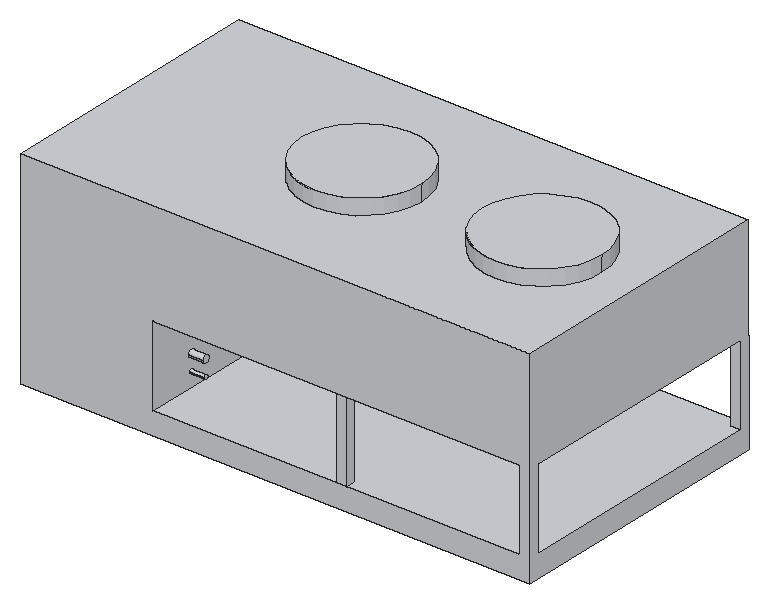
Revit family "bc078c8997844357bac0e0553c98c0a1", category Mechanical Equipment, Revit 2021
Family settings
  Round Connector Dimension = Use Radius
  Part Type = Normal
  OmniClass Number = 23.75.10.24.21.11.11
  OmniClass Title = Packaged Refrigerant Condensing Coils and Fan Units
  Seek Item ID = Condensing Unit - Air Cooled - DX - 25-40 Tons-0000-USA-ENU
  Work Plane-Based = No
  Always vertical = Yes
  Cut with Voids When Loaded = No
  Shared = No
  Room Calculation Point = No
Parameters (values of type "25 Tons")
  Voltage = 460 V
  Visibility 2 = no
  Visibility 1 = yes
  Unit Width = 5' - 8 9/16"
  Unit Material = none
  Unit Length = 10' - 7 13/16"
  Unit Height = 4' - 3 3/4"
  Outlet Radius = 7/16"
  Outlet Diameter = Outlet Radius * 2  # 7/8"
  Number of Poles = 3
  Maximum Operating Charge = 25' - 0"
  Load Classification = Cooling
  Length 2 = (Unit Length - 2' 9 11/32") / 2  # 3' - 11 15/64"
  Length 1 = (Unit Length - 2' 9 11/32") / 3  # 2' - 7.48958"
  Inlet Radius = 13/16"
  Inlet Diameter = Inlet Radius * 2  # 1 5/8"
  Height 1 = 4' - 7 5/8"
  Default Elevation = 0' - 0"
  C2 Offset1 = 1' - 1 9/16"
  C1 Offset2 = 0' - 11 11/16"
  C1 Offset1 = 0' - 9 1/2"
  Apparent Load = 22900 VA
Types (4): name | Visibility 2 | Visibility 1 | Unit Length | Length 2 | Length 1 | Inlet Radius | Inlet Diameter | Apparent Load
  (no name) | no | yes | 10' - 7 13/16" | 3' - 11 15/64" | 2' - 7.48958" | 13/16" | 1 5/8" | 22900 VA
  25 Tons | no | yes | 10' - 7 13/16" | 3' - 11 15/64" | 2' - 7.48958" | 13/16" | 1 5/8" | 22900 VA
  30 Tons | no | yes | 10' - 7 13/16" | 3' - 11 15/64" | 2' - 7.48958" | 1 1/16" | 2 1/8" | 25900 VA
  40 Tons | yes | no | 14' - 6 1/8" | 5' - 10 25/64" | 3' - 10.92708" | 1 1/16" | 2 1/8" | 34400 VA
Reference planes (in)
  plane 1 "Center (Front/Back)": y = 0
  plane 2: z = 0
  plane 3 "Center (Left/Right)": x = 0
  plane 4: x = 127.8125
  plane 5: z = 51.75
  plane 6: z = 55.625
  plane 7: y = 68.5625
  plane 8: x = 33.34375
  plane 9: z = 5.59375
  plane 10: z = 25.875
  plane 11: y = 34.28125
  plane 12: x = 37.25
  plane 13: y = 2.4375
  plane 14: y = 66.125
  plane 15: z = 9.5
  plane 16: z = 13.5625
  plane 17: y = 11.6875
  plane 18: z = 3.125
  plane 19: x = 5.5
  plane 20: x = 125.375
  plane 21: x = 80.57813
  plane 22: x = 81.79688
  plane 23: x = 79.35937
  plane 24: x = 58.30469
  plane 25: x = 103.58594
  plane 26: x = 103.73438
  plane 27: x = 64.83333
  plane 28: x = 96.32292
  plane 29: x = 63.61458
  plane 30: x = 66.05208
  plane 31: x = 95.10417
  plane 32: x = 97.54167
  plane 33: x = 49.08854
  plane 34: x = 80.57813
  plane 35: x = 112.06771
Forms (in)
  Extrusion 1, solid, material <- "Unit Material"
    sketch origin (0, 0, 0) x (1, 0, 0) y (0, 0, 1)
      loop
        line (0, 51.75) -> (0, 0) -> (33.34375, 0) -> (33.34375, 51.75) -> (0, 51.75)
    from 0 to -68.5625
  Extrusion 2, solid, material <- "Unit Material"
    sketch origin (0, 0, 0) x (0, 1, 0) y (0, 0, 1)
      loop
        circle (11.6875, 9.5) r 0.4375
    from 33.34375 to 37.25
  Extrusion 3, solid, material <- "Unit Material"
    sketch origin (0, 0, 0) x (0, 1, 0) y (0, 0, 1)
      loop
        circle (11.6875, 13.5625) r 0.8125
    from 33.34375 to 37.25
  Extrusion 4, solid, material <- "Unit Material"
    sketch origin (0, 0, 0) x (1, 0, 0) y (0, 0, 1)
      loop
        circle (5.5, 3.125) r 0.5
    from -2.4375 to 0
  Extrusion 5, solid, material <- "Unit Material"
    sketch origin (0, 0, 0) x (1, 0, 0) y (0, 0, 1)
      loop
        line (33.34375, 51.75) -> (33.34375, 25.875) -> (127.8125, 25.875) -> (127.8125, 51.75) -> (33.34375, 51.75)
    from -68.5625 to 0
  Extrusion 6, solid, material <- "Unit Material"
    sketch origin (0, 0, 0) x (1, 0, 0) y (0, 0, 1)
      loop
        line (33.34375, 5.59375) -> (33.34375, 0) -> (127.8125, 0) -> (127.8125, 5.59375) -> (33.34375, 5.59375)
    from -68.5625 to 0
  Extrusion 7, solid, material <- "Unit Material", visible <- "Visibility 1"
    sketch origin (0, 0, 0) x (1, 0, 0) y (0, 0, 1)
      loop
        line (79.35937, 25.875) -> (79.35937, 5.59375) -> (81.79688, 5.59375) -> (81.79688, 25.875) -> (79.35937, 25.875)
    from -68.5625 to -66.125
  Extrusion 8, solid, material <- "Unit Material"
    sketch origin (46.01562, 0, -1.9375) x (1, 0, 0) y (0, 0, 1)
      loop
        line (79.35938, 27.8125) -> (79.35938, 7.53125) -> (81.79688, 7.53125) -> (81.79688, 27.8125) -> (79.35938, 27.8125)
    from -68.5625 to -66.125
  Extrusion 9, solid, material <- "Unit Material", visible <- "Visibility 1"
    sketch origin (0, 0, 0) x (1, 0, 0) y (0, 0, 1)
      loop
        line (79.35937, 25.875) -> (79.35937, 5.59375) -> (81.79688, 5.59375) -> (81.79688, 25.875) -> (79.35937, 25.875)
    from -2.4375 to 0
  Extrusion 10, solid, material <- "Unit Material"
    sketch origin (28, 0, 0) x (1, 0, 0) y (0, 0, 1)
      loop
        line (97.375, 25.875) -> (97.375, 5.59375) -> (99.8125, 5.59375) -> (99.8125, 25.875) -> (97.375, 25.875)
    from -2.4375 to 0
  Extrusion 11, solid, material <- "Unit Material", visible <- "Visibility 1"
    sketch origin (0, 0, 0) x (1, 0, 0) y (0, 1, 0)
      loop
        circle (58.30469, 34.28125) r 15
    from 51.75 to 55.625
  Extrusion 12, solid, material <- "Unit Material", visible <- "Visibility 1"
    sketch origin (45.28125, 0, 0) x (1, 0, 0) y (0, 1, 0)
      loop
        circle (58.30469, 34.28125) r 15
    from 51.75 to 55.625
  Extrusion 13, solid, material <- "Unit Material", visible <- "Visibility 2"
    sketch origin (0, 0, 0) x (1, 0, 0) y (0, 0, 1)
      loop
        line (63.61458, 25.875) -> (63.61458, 5.59375) -> (66.05208, 5.59375) -> (66.05208, 25.875) -> (63.61458, 25.875)
    from -68.5625 to -66.125
  Extrusion 14, solid, material <- "Unit Material", visible <- "Visibility 2"
    sketch origin (46.92708, 0, 0) x (1, 0, 0) y (0, 0, 1)
      loop
        line (48.17708, 25.875) -> (48.17708, 5.59375) -> (50.61458, 5.59375) -> (50.61458, 25.875) -> (48.17708, 25.875)
    from -68.5625 to -66.125
  Extrusion 15, solid, material <- "Unit Material", visible <- "Visibility 2"
    sketch origin (0, 0, 0) x (1, 0, 0) y (0, 0, 1)
      loop
        line (63.61458, 25.875) -> (63.61458, 5.59375) -> (66.05208, 5.59375) -> (66.05208, 25.875) -> (63.61458, 25.875)
    from -2.4375 to 0
  Extrusion 16, solid, material <- "Unit Material", visible <- "Visibility 2"
    sketch origin (0, 0, 0) x (1, 0, 0) y (0, 0, 1)
      loop
        line (95.10417, 25.875) -> (95.10417, 5.59375) -> (97.54167, 5.59375) -> (97.54167, 25.875) -> (95.10417, 25.875)
    from -2.4375 to 0
  Extrusion 17, solid, material <- "Unit Material", visible <- "Visibility 2"
    sketch origin (0, 0, 0) x (1, 0, 0) y (0, 1, 0)
      loop
        circle (49.08854, 34.28125) r 15
    from 51.75 to 55.625
  Extrusion 18, solid, material <- "Unit Material", visible <- "Visibility 2"
    sketch origin (46.92708, 0, 0) x (1, 0, 0) y (0, 1, 0)
      loop
        circle (33.65104, 34.28125) r 15
    from 51.75 to 55.625
  Extrusion 19, solid, material <- "Unit Material", visible <- "Visibility 2"
    sketch origin (93.85417, 0, 0) x (1, 0, 0) y (0, 1, 0)
      loop
        circle (18.21354, 34.28125) r 15
    from 51.75 to 55.625
  Extrusion 20, solid, material <- "Unit Material"
    sketch origin (0, 0, 0) x (1, 0, 0) y (0, 0, 1)
      loop
        circle (5.5, 3.125) r 0.5
    from -2.4375 to 0
Cuts and joins
  joined: Extrusion 1, Extrusion 2, Extrusion 3, Extrusion 4, Extrusion 5, Extrusion 6, Extrusion 8, Extrusion 10, Extrusion 20
Dimensions and locks (in)
  "Unit Length": plane 4 to plane 3 "Center (Left/Right)"
  "Unit Height": plane 5 to plane 2
  "Height 1": plane 6 to plane 2
  "Unit Width": plane 7 to plane 1 "Center (Front/Back)"
  locked: plane 8 to plane 3 "Center (Left/Right)" at 33.34375
  locked: plane 9 to plane 2 at 5.59375
  equal spacing: plane 5, plane 10, plane 2
  equal spacing: plane 7, plane 11, plane 1 "Center (Front/Back)"
  locked: plane 12 to plane 3 "Center (Left/Right)" at 37.25
  locked: plane 1 "Center (Front/Back)" to plane 13 at 2.4375
  locked: plane 7 to plane 14 at 2.4375
  "C1 Offset1": plane 15 to plane 2
  "C2 Offset1": plane 16 to plane 2
  "C1 Offset2": plane 17 to plane 1 "Center (Front/Back)"
  locked: plane 18 to plane 2 at 3.125
  locked: plane 19 to plane 3 "Center (Left/Right)" at 5.5
  locked: plane 4 to plane 20 at 2.4375
  "Length 2": plane 21 to plane 8
  equal spacing: plane 22, plane 21, plane 23
  equal spacing: plane 23, plane 24, plane 12
  equal spacing: plane 22, plane 25, plane 20
  "Length 1": plane 8 to plane 27
  "Length 1": plane 27 to plane 28
  locked: plane 29 to plane 30 at 2.4375
  locked: plane 23 to plane 22 at 2.4375
  equal spacing: plane 29, plane 27, plane 30
  locked: plane 31 to plane 32 at 2.4375
  equal spacing: plane 31, plane 28, plane 32
  equal spacing: plane 8, plane 33, plane 27
  equal spacing: plane 27, plane 34, plane 28
  equal spacing: plane 28, plane 35, plane 4
  "Outlet Radius": radius of Extrusion 2 sketch curve
  "Inlet Radius": radius of Extrusion 3 sketch curve
  radius of Extrusion 4 sketch curve = 0' - 0 1/2"
  radius of Extrusion 11 sketch curve = 1' - 3"
  radius of Extrusion 12 sketch curve = 1' - 3"
  radius of Extrusion 17 sketch curve = 1' - 3"
  radius of Extrusion 18 sketch curve = 1' - 3"
  radius of Extrusion 19 sketch curve = 1' - 3"
  radius of Extrusion 20 sketch curve = 0' - 0 1/2"
  aligned and locked: Extrusion 1 sketch curve to plane 5
  aligned and locked: plane 3 "Center (Left/Right)" to Extrusion 1 sketch curve
  aligned and locked: plane 2 to Extrusion 1 sketch curve
  aligned and locked: plane 7 to Extrusion 1
  aligned and locked: plane 1 "Center (Front/Back)" to Extrusion 1
  aligned and locked: plane 15 to Extrusion 2 sketch curve
  aligned and locked: plane 17 to Extrusion 2 sketch curve
  aligned and locked: plane 16 to Extrusion 3 sketch curve
  aligned and locked: plane 17 to Extrusion 3 sketch curve
  aligned and locked: Extrusion 3 to plane 8
  aligned and locked: plane 12 to Extrusion 3
  aligned and locked: plane 12 to Extrusion 2
  aligned and locked: Extrusion 2 to plane 8
  aligned and locked: plane 18 to Extrusion 4 sketch curve
  aligned and locked: plane 19 to Extrusion 4 sketch curve
  aligned and locked: Extrusion 4 to plane 13
  aligned and locked: plane 1 "Center (Front/Back)" to Extrusion 4
  aligned and locked: Extrusion 1 sketch curve to plane 8
  aligned and locked: Extrusion 5 sketch curve to plane 5
  aligned and locked: plane 8 to Extrusion 5 sketch curve
  aligned and locked: Extrusion 5 sketch curve to plane 4
  aligned and locked: Extrusion 5 sketch curve to plane 10
  aligned and locked: Extrusion 5 to plane 7
  aligned and locked: plane 1 "Center (Front/Back)" to Extrusion 5
  aligned and locked: Extrusion 6 sketch curve to plane 9
  aligned and locked: plane 8 to Extrusion 6 sketch curve
  aligned and locked: Extrusion 6 sketch curve to plane 2
  aligned and locked: Extrusion 6 sketch curve to plane 4
  aligned and locked: Extrusion 6 to plane 7
  aligned and locked: plane 1 "Center (Front/Back)" to Extrusion 6
  aligned and locked: plane 23 to Extrusion 7 sketch curve
  aligned and locked: Extrusion 5 to Extrusion 7 sketch curve
  aligned and locked: Extrusion 6 to Extrusion 7 sketch curve
  aligned and locked: plane 22 to Extrusion 7 sketch curve
  aligned and locked: plane 20 to Extrusion 8 sketch curve
  aligned and locked: Extrusion 8 sketch curve to plane 4
  aligned and locked: plane 10 to Extrusion 8 sketch curve
  aligned and locked: Extrusion 8 sketch curve to plane 9
  aligned and locked: plane 7 to Extrusion 7
  aligned and locked: Extrusion 7 to plane 14
  aligned and locked: plane 7 to Extrusion 8
  aligned and locked: Extrusion 8 to plane 14
  aligned and locked: plane 10 to Extrusion 9 sketch curve
  aligned and locked: Extrusion 9 sketch curve to plane 9
  aligned and locked: plane 22 to Extrusion 9 sketch curve
  aligned and locked: plane 23 to Extrusion 9 sketch curve
  aligned and locked: Extrusion 10 sketch curve to plane 4
  aligned and locked: plane 20 to Extrusion 10 sketch curve
  aligned and locked: Extrusion 10 sketch curve to plane 9
  aligned and locked: plane 10 to Extrusion 10 sketch curve
  aligned and locked: plane 1 "Center (Front/Back)" to Extrusion 9
  aligned and locked: Extrusion 9 to plane 13
  aligned and locked: plane 1 "Center (Front/Back)" to Extrusion 10
  aligned and locked: Extrusion 10 to plane 13
  aligned and locked: plane 11 to Extrusion 11 sketch curve
  aligned and locked: plane 24 to Extrusion 11 sketch curve
  aligned and locked: Extrusion 12 sketch curve to plane 11
  aligned and locked: plane 25 to Extrusion 12 sketch curve
  aligned and locked: Extrusion 11 to plane 6
  aligned and locked: Extrusion 11 to plane 5
  aligned and locked: Extrusion 12 to plane 6
  aligned and locked: plane 5 to Extrusion 12
  aligned and locked: plane 29 to Extrusion 13 sketch curve
  aligned and locked: Extrusion 5 to Extrusion 13 sketch curve
  aligned and locked: Extrusion 6 to Extrusion 13 sketch curve
  aligned and locked: Extrusion 13 sketch curve to plane 30
  aligned and locked: Extrusion 14 sketch curve to plane 31
  aligned and locked: plane 10 to Extrusion 14 sketch curve
  aligned and locked: Extrusion 14 sketch curve to plane 9
  aligned and locked: Extrusion 14 sketch curve to plane 32
  aligned and locked: plane 7 to Extrusion 13
  aligned and locked: Extrusion 13 to plane 14
  aligned and locked: plane 7 to Extrusion 14
  aligned and locked: Extrusion 14 to plane 14
  aligned and locked: Extrusion 15 sketch curve to plane 10
  aligned and locked: Extrusion 15 sketch curve to plane 30
  aligned and locked: Extrusion 15 sketch curve to plane 29
  aligned and locked: Extrusion 15 sketch curve to plane 9
  aligned and locked: Extrusion 16 sketch curve to plane 32
  aligned and locked: Extrusion 16 sketch curve to plane 31
  aligned and locked: plane 10 to Extrusion 16 sketch curve
  aligned and locked: Extrusion 16 sketch curve to plane 9
  aligned and locked: Extrusion 15 to plane 13
  aligned and locked: plane 1 "Center (Front/Back)" to Extrusion 15
  aligned and locked: Extrusion 16 to plane 13
  aligned and locked: plane 1 "Center (Front/Back)" to Extrusion 16
  aligned and locked: plane 11 to Extrusion 17 sketch curve
  aligned and locked: plane 33 to Extrusion 17 sketch curve
  aligned and locked: Extrusion 18 sketch curve to plane 11
  aligned and locked: plane 34 to Extrusion 18 sketch curve
  aligned and locked: Extrusion 19 sketch curve to plane 11
  aligned and locked: plane 35 to Extrusion 19 sketch curve
  aligned and locked: plane 6 to Extrusion 17
  aligned and locked: Extrusion 17 to plane 5
  aligned and locked: Extrusion 18 to plane 6
  aligned and locked: plane 5 to Extrusion 18
  aligned and locked: Extrusion 19 to plane 6
  aligned and locked: plane 5 to Extrusion 19
  aligned and locked: plane 18 to Extrusion 20 sketch curve
  aligned and locked: plane 19 to Extrusion 20 sketch curve
  aligned and locked: Extrusion 20 to plane 13
  aligned and locked: plane 1 "Center (Front/Back)" to Extrusion 20
Automatic sketch dimensions
  Extrusion 7 sketch curve to plane 10 = 0' - 0"
Connectors (in)
  piping at (37.25, 11.6875, 9.5), diameter 0.875, driven by "Outlet Radius"
    settings: on cut or joined group 1 (Extrusion 1, Extrusion 2, Extrusion 3, Extrusion 4, Extrusion 5, Extrusion 6, Extrusion 8, Extrusion 10, Extrusion 20), index 1, connector inside diameter 7/8", connector length 0' - 0", flow factor 0, pipe flow 0 GPM, pressure drop 0.00 psi, fitting loss kfactor 0, connector angle 0.00°, fixture units 0, engagement length 0' - 0", angle of deflection 0.00°, flow configuration 0, flow direction 2, fitting loss method 0, system type 22, joint type 0, gender type 0, connector reference index 2, connector utility 0, adjustable connector no, is connector primary yes, connector description "Cryogen Out"
  piping at (37.25, 11.6875, 13.5625), diameter 1.625, driven by "Inlet Radius"
    settings: on cut or joined group 1, index 2, connector inside diameter 1 5/8", connector length 0' - 0", flow factor 0, pipe flow 0 GPM, pressure drop 0.00 psi, fitting loss kfactor 0, connector angle 0.00°, fixture units 0, engagement length 0' - 0", angle of deflection 0.00°, flow configuration 0, flow direction 1, fitting loss method 0, system type 22, joint type 0, gender type 0, connector reference index 1, connector utility 0, adjustable connector no, is connector primary no, connector description "Cryogen In"
  electrical at (5.5, 0, 3.125), driven by "Apparent Load", driven by "Voltage", driven by "Number of Poles", driven by "Load Classification"
    settings: on Extrusion 20, index 3, voltage 460 V, apparent load 22900 VA, apparent load phase1 0 VA, apparent load phase2 0 VA, apparent load phase3 0 VA, power factor 0.8, load classification "Cooling", number of poles 3, system type 30, power factor state 1, is connector primary yes, connector utility no, sub classification motor no, connector description ""
